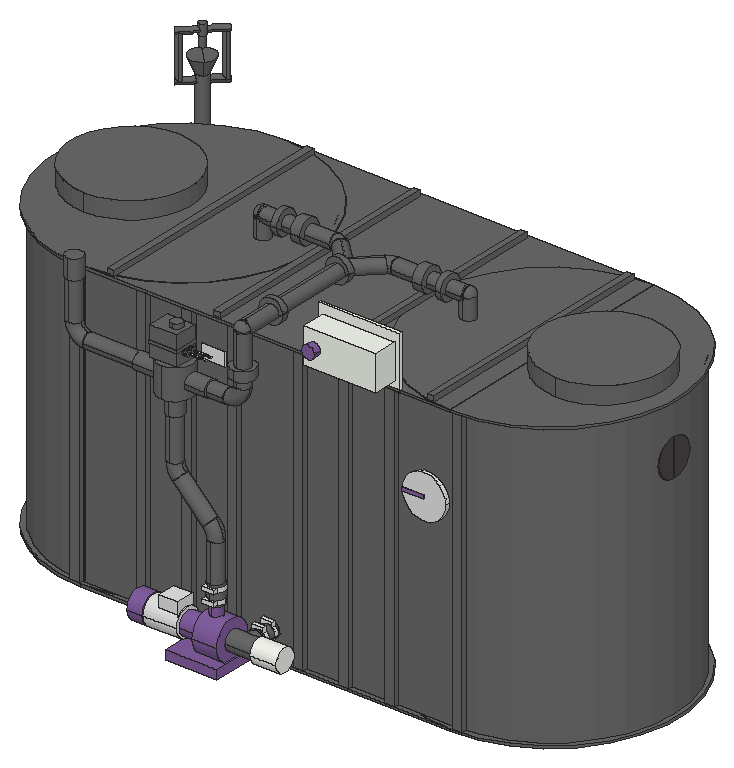
Revit family "93015.01_pvs 0", category Generic Models, Revit 2021
Family settings
  Can host rebar = No
  Round Connector Dimension = Use Diameter
  Part Type = Normal
  Work Plane-Based = No
  Always vertical = Yes
  Cut with Voids When Loaded = No
  Shared = Yes
  Room Calculation Point = No
Parameters (values of type "93015.01_PVS")
  SUPPLIER = "KESSEL"
  SA810ID03 = "93015.01/PVS"
  SA71009ID06 = 3000 W
  SA71009ID05 = 3600 W
  SA71009ID04 = 2
  SA700ID17 = 1200 mm
  SA700ID14 = "ohne Angabe"
  SA700ID13 = 70 mm
  SA700ID09 = 1625 mm
  SA700ID08 = 1350 mm
  SA700ID07 = 3300 mm
  SA700ID06 = 1500
  SA700ID05 = 15
  SA700ID04 = "Grease separator EasyClean free NS 15, Auto Mix & Pump"
  SA500ID03 = "Sludge trap, integrated"
  SA400ID03 = "PE (Polyethylen)"
  SA250ID03 = "temperierte Umhausung"
  SA200ID03 = "free-standing set-up"
  SA100ID04 = "Abscheideranlage für Fette (Schlammfang und Fettabscheider)"
  NN = "EasyClean, Auto Mix & Pump grease separator"
  NBSYN = "$SA810ID03. $LODLEVEL."
  NB = "93015.01/PVS 0"
  Model = "93015.01/PVS"
  Manufacturer = "KESSEL"
  MIdent = "{$CADENAS_DATA/23d-libs/kessel/kessel_vdi_import/40/abscheideranlage20fuer20fette/easyclean_free_auto_mix_pump.prj},231 {STYP=ASS},{VTYP=3D},{NB=93015.01/PVS 0},{LINA=93015.01/PVS},{NN=EasyClean, Auto Mix & Pump grease separator},{DATE=20.12.2022 10:10:54},{GEOMDATE=17.11.2022 09:57:06},{VERSION=},{LINEID=110},{WBVAR=LODLEVEL},{WBNUMERIC=LODLEVEL}  {NB=93015.01/PVS 0},{LINA=93015.01/PVS},{KT=DUMMY},{PREVIEW=../../bilder/pb_yy_9302001pvs_7491.png},{SA700ID04=Fettabscheider EasyClean free NS 15, Auto Mix & Pump},{SA810ID06=},{SA010ID04=KESSEL AG},{SA810ID03=93015.01/PVS},{SA100ID04=Abscheideranlage für Fette (Schlammfang und Fettabscheider)},{SA200ID03=Freiaufstellung},{SA400ID03=PE (Polyethylen)},{SA500ID03=Schlammfang integriert},{SA700ID05=15.00},{SA700ID06=1500},{SA71009ID04=2},{SA71009ID05=3.60},{SA71009ID06=3.00},{SA250ID03=temperierte Umhausung},{SA700ID07=3300},{SA700ID09=1625},{SA700ID13=70},{SA700ID17=1200},{SA700ID08=1350},{SA810ID10=\\\"Der Abscheider für fetthaltiges Abwasser ist für die freie Aufstellung in frostgeschützten Räumen geeignet und verzichtet auf metallische Bauteile im Behälter. Der Sammelbehälter aus dauerhaft beständigem Kunststoff (PE) ist mit einem integrierten Schlammfang ausgestattet und besitzt Schrägen im Behälterboden für eine schnelle und saubere Entsorgung. Zwei geruchsdichte Deckel mit Schnellspannverschlüssen ermöglichen einen einfachen Zugang für Reinigungs- und Wartungsarbeiten.Das innovative Schredder-Mix-System mit integriertem Zerhacker übernimmt die Homogenisierung und Umwälzung des Behälterinhaltes. Die Reinigung und geruchsneutrale Entsorgung erfolgt dabei über eine außenliegende Pumpe mit 2-Wege-Ventil und Stellmotor, die mit einem Absperrschieber vom Behälter getrennt werden kann.Der vollautomatische Programmablauf wird durch ein anwenderfreundliches Schaltgerät mit mehrzeiliger Displayanzeige gesteuert, das über einen potentialfreien Kontakt in die Gebäudeleittechnik eingebunden werden kann. Über eine optional erhältliche Fernbedienung kann die Reinigung und Entsorgung von einer entfernten Stelle aus gestartet werden.Durch das individualisierbare Reinigungsprogramm mit Schnellwahlfunktion kann die Reinigung bedarfsgerecht an die örtlichen Gegebenheiten angepasst werden. Mithilfe einer vollautomatisierten Spülung der Trinkwasserleitungen kann die Einhaltung der Trinkwasser-Hygiene-Verordnung gewährleistet werden.Gewährleistung auf den Werkstoff PE 20 Jahre.Ausführung:Absperreinrichtung: jaEntsorgungsart: automatisches Entsorgungs- und ReinigungssystemEntsorgungseinrichtung: EntsorgungspumpeEntsorgungsvariante: Auto Mix & PumpFülleinrichtung nach DIN 1988: jaNenngröße (NS): 15Schauglas: jaSchredder-Mix-System: jaSonicControl: neinWasserversorgung: 2 Magnetventile 1\\\"\\\"Tragfähigkeit (DIN 19901): F3Lieferumfang: Storz-B-Kupplung R 2 1/2 \\\"\\\" für SaugwagenanschlussEinbausituation: freie AufstellungAllgemeine Merkmale:Material: PENorm: EN 1825: 2004, DIN 4040-100Abmessungen:Aufstellfläche Länge: 3.560 mmAufstellfläche Breite: 1.620 mmAufstellfläche Höhe: 1.655 mmEinbringmaß Länge: 3.300 mmEinbringmaß Breite: 1.350 mmEinbringmaß Höhe: 1.625 mmBehälter/Grundkörper:Zulauf Nennweite (DN): 200 mmZulauf Nennweite (DA): 200 mmAuslauf Nennweite (DN): 200Auslauf Nennweite (DA): 200Abstand Rohrsohle Zulauf zu Behälterboden: 1.200 mmAbstand Rohrsohle Auslauf zu Behälterboden: 1.130 mmAnschluss Zu-/Auslaufstutzen: PE-HD-Rohre nach DIN 19537, HT-Rohre nach DIN 19560, PP oder ASDruckabgang (DA): 75 mmDruckabgang (DN): 65 mmNenndruck (PN): 10Abdeckungsmerkmale:Abdeckungsart: DeckelAbdeckung Material: KunststoffAbdeckung Farbe: schwarzDichtheit: geruchsdichtVerriegelung: SchnellspannverschlussAbwasserinhalt:Abscheiderinhalt: 1.100 lGesamtvolumen: 2.600 lSchlammfanginhalt: 1.500 lSpeichermenge an Fett: 600 lFördereinrichtung:Pumpe: SPF 300 KE 2.0Anzahl Pumpen: 2Förderhöhe max.: 17 mFörderleistung max.: 60 m3/hBetriebsspannung: 400 VNetzfrequenz: 50 HzBetriebsart: S2 - 30 Min.Leistung P1: 3,6 kWLeistung P2: 3 kWDrehzahl: 2.850 U/minErforderliche Absicherung (Leitungsschutz): Absicherung über Schaltgerät 400 VFörderguttemperatur (dauerhaft) max.: 40 °CAnschlusstyp: DirektanschlussGewicht: 44 kgLaufrad Typ: Radiallaufrad mit ZerhackerLänge Netzanschlussleitung Pumpe: 5 mNennstrom: 6,2 ASchutzart Pumpe: IP 55Schutzklasse: ITyp Anschlussleitung Pumpe: H07RN-F 7G 1,5 mm2Temperaturüberwachung: integriertSteuerung:Schaltgerät: jaBetriebsspannung: 400 VNetzfrequenz: 50 HzSelbstdiagnosesystem (SDS): jaBatteriepufferung: neinMehrzeilige Displayanzeige: jaLogbuchfunktion: jaUSB-Schnittstelle: jaGSM-Schnittstelle: neinPotentialfreier Kontakt: jaErforderliche Absicherung (Leitungsschutz): C 16 AErforderliche Absicherung (RCD): 30 mAMotorschutz Schalter: jaSchutzart Schaltgerät: IP 54\\\"},{SA700ID14=ohne Angabe},{LODLEVEL=0},{CATEGORY3AA=EasyClean free Auto Mix & Pump},{CATEGORY3AB=},{CATEGORY3AC=},{CATEGORY3AD=},{CATEGORY3AE=},{CATEGORY3AF=},{BEZEICHNUNG=},{BREITE=0.0},{TIEFE=MIN},{HOEHE=MIN},{MASSE=MIN},{LOD_=0,'Low'},{LOD_DEU=0,'Low'},{LOD_3DB=93015.01/PVS_0},{DNIN1=200},{DNIN2=10},{DNIN3=10},{DNIN4=10},{DNIN5=10},{DNIN6=10},{DNIN7=MIN},{DNOUT1=200},{DNOUT2=MIN},{ISD=100},{ISD2=10},{SA960ID03=90},{SA960ID04=3L},{SA960ID08=http://www.kessel.de/info?han=93015.01/PVS},{SA010ID01=010},{SA010ID02=40},{SA010ID06=www.kessel.de},{SA010ID08=4026092000007},{SA100ID01=100},{SA100ID02=1},{SA740ID01=740},{SA200ID01=200},{SA200ID02=1},{SA250ID01=250},{SA250ID02=1},{SA400ID01=400},{SA400ID02=1},{SA500ID01=500},{SA500ID02=1},{SA700ID01=700},{SA700ID02=90},{SA700ID14_=0},{SA71009ID01=710.09},{SA71009ID02=1},{SA71009ID03=SPF 300 KE 2.0},{SA71009ID07=IP55},{SA71009ID08=1},{SA71009ID09=1},{SA71009ID10=60},{SA71009ID11=17},{SA810ID01=810},{SA810ID02=90},{SA810ID04=93015.01/PVS},{SA810ID07=90},{SA810ID14=PCE},{LINK=http://www.kessel.de/info?han=93015.01/PVS},{LINK_=http://www.kessel.de/info?han=93015.01/PVS},{LINK_DEU=http://www.kessel.de/info?han=93015.01/PVS}"
  LINK = "http://www.kessel.de/info?han=93015.01/PVS"
  LINA = "93015.01/PVS"
  Default Elevation = 0 mm
  CREATOR = "CADENAS GmbH"
  CATALOG = "KESSEL"
  BOMINFO = "LINA"
  ARTICLENO = "NB"
Reference planes
  plane 1 "Center (Front/Back)": y = 0
  plane 2: z = 0
  plane 3 "Center (Left/Right)": x = 0
Dimensions and locks
  aligned and locked: level to plane 2
Nested families
  nested 1: "93015.01_pvs 0_content" at (0, 0, 0), type "93015.01_PVS 0_Content"
  nested 2: "93015.01_pvs 0_part1_X0Y0" at (0, 0, 0), type "93015.01_PVS_PART1_X0Y0"
Connectors
  piping at (-1625.5, 0, 1300), diameter 200
    settings: on nested 2, index 1, connector inside diameter 609.6 mm, connector length 0 mm, flow factor 0, pipe flow 0.0 L/s, pressure drop 0.0 Pa, fitting loss kfactor 0, connector angle 0.00°, fixture units 0, engagement length 0 mm, angle of deflection 0.00°, flow configuration 0, flow direction 1, fitting loss method 2, system type 8, joint type 0, gender type 0, connector reference index -1, connector utility 0, adjustable connector no, is connector primary yes, connector description ""
  piping at (-1405, 665.75, 1935.25), diameter 10
    settings: on nested 2, index 2, connector inside diameter 609.6 mm, connector length 0 mm, flow factor 0, pipe flow 0.0 L/s, pressure drop 0.0 Pa, fitting loss kfactor 0, connector angle 0.00°, fixture units 0, engagement length 0 mm, angle of deflection 0.00°, flow configuration 0, flow direction 1, fitting loss method 2, system type 8, joint type 0, gender type 0, connector reference index -1, connector utility 0, adjustable connector no, is connector primary no, connector description ""
  piping at (1625.5, 0, 1230), diameter 200
    settings: on nested 2, index 3, connector inside diameter 609.6 mm, connector length 0 mm, flow factor 0, pipe flow 0.0 L/s, pressure drop 0.0 Pa, fitting loss kfactor 0, connector angle 0.00°, fixture units 0, engagement length 0 mm, angle of deflection 0.00°, flow configuration 0, flow direction 2, fitting loss method 2, system type 7, joint type 0, gender type 0, connector reference index -1, connector utility 0, adjustable connector no, is connector primary no, connector description ""
  electrical at (-353.5, -823.5, 248.5)
    settings: on nested 2, index 4, voltage 0 V, apparent load 0 VA, apparent load phase1 0 VA, apparent load phase2 0 VA, apparent load phase3 0 VA, power factor 1, load classification "Other", number of poles 1, system type 31, power factor state 1, is connector primary yes, connector utility no, sub classification motor no, connector description ""
Definition of nested family "93015.01_pvs 0_part1_X0Y0"
  Parameters (values of type "93015.01_PVS_PART1_X0Y0")
    SUPPLIER = "KESSEL"
    SA810ID03 = "93015.01/PVS"
    SA71009ID06 = 3000 W
    SA71009ID05 = 3600 W
    SA71009ID04 = 2
    SA700ID17 = 1200 mm
    SA700ID14 = "ohne Angabe"
    SA700ID13 = 70 mm
    SA700ID09 = 1625 mm
    SA700ID08 = 1350 mm
    SA700ID07 = 3300 mm
    SA700ID06 = 1500
    SA700ID05 = 15
    SA700ID04 = "Grease separator EasyClean free NS 15, Auto Mix & Pump"
    SA500ID03 = "Sludge trap, integrated"
    SA400ID03 = "PE (Polyethylen)"
    SA250ID03 = "temperierte Umhausung"
    SA200ID03 = "free-standing set-up"
    SA100ID04 = "Abscheideranlage für Fette (Schlammfang und Fettabscheider)"
    NBSYN = "$SA810ID03. $LODLEVEL._PART1"
    NB = "93015.01/PVS 0_PART1"
    Model = "93015.01/PVS_PART1"
    Manufacturer = "KESSEL"
    MIdent = "{$CADENAS_DATA/23d-libs/kessel/kessel_vdi_import/40/abscheideranlage20fuer20fette/easyclean_free_auto_mix_pump.prj},251 {VTYP=3D},{NB=93015.01/PVS 0_PART1},{LINA=93015.01/PVS_PART1},{NN=EasyClean, Auto Mix & Pump grease separator_PART1},{NOPRJ=TRUE},{DATE=20.12.2022 10:10:54},{GEOMDATE=17.11.2022 09:57:06},{VERSION=},{LINEID=110},{WBVAR=LODLEVEL},{WBNUMERIC=LODLEVEL}  {NB=93015.01/PVS 0_PART1},{LINA=93015.01/PVS_PART1},{KT=DUMMY},{PREVIEW=../../bilder/pb_yy_9302001pvs_7491.png},{SA700ID04=Fettabscheider EasyClean free NS 15, Auto Mix & Pump},{SA810ID06=},{SA010ID04=KESSEL AG},{SA810ID03=93015.01/PVS},{SA100ID04=Abscheideranlage für Fette (Schlammfang und Fettabscheider)},{SA200ID03=Freiaufstellung},{SA400ID03=PE (Polyethylen)},{SA500ID03=Schlammfang integriert},{SA700ID05=15.00},{SA700ID06=1500},{SA71009ID04=2},{SA71009ID05=3.60},{SA71009ID06=3.00},{SA250ID03=temperierte Umhausung},{SA700ID07=3300},{SA700ID09=1625},{SA700ID13=70},{SA700ID17=1200},{SA700ID08=1350},{SA810ID10=\\\"Der Abscheider für fetthaltiges Abwasser ist für die freie Aufstellung in frostgeschützten Räumen geeignet und verzichtet auf metallische Bauteile im Behälter. Der Sammelbehälter aus dauerhaft beständigem Kunststoff (PE) ist mit einem integrierten Schlammfang ausgestattet und besitzt Schrägen im Behälterboden für eine schnelle und saubere Entsorgung. Zwei geruchsdichte Deckel mit Schnellspannverschlüssen ermöglichen einen einfachen Zugang für Reinigungs- und Wartungsarbeiten.Das innovative Schredder-Mix-System mit integriertem Zerhacker übernimmt die Homogenisierung und Umwälzung des Behälterinhaltes. Die Reinigung und geruchsneutrale Entsorgung erfolgt dabei über eine außenliegende Pumpe mit 2-Wege-Ventil und Stellmotor, die mit einem Absperrschieber vom Behälter getrennt werden kann.Der vollautomatische Programmablauf wird durch ein anwenderfreundliches Schaltgerät mit mehrzeiliger Displayanzeige gesteuert, das über einen potentialfreien Kontakt in die Gebäudeleittechnik eingebunden werden kann. Über eine optional erhältliche Fernbedienung kann die Reinigung und Entsorgung von einer entfernten Stelle aus gestartet werden.Durch das individualisierbare Reinigungsprogramm mit Schnellwahlfunktion kann die Reinigung bedarfsgerecht an die örtlichen Gegebenheiten angepasst werden. Mithilfe einer vollautomatisierten Spülung der Trinkwasserleitungen kann die Einhaltung der Trinkwasser-Hygiene-Verordnung gewährleistet werden.Gewährleistung auf den Werkstoff PE 20 Jahre.Ausführung:Absperreinrichtung: jaEntsorgungsart: automatisches Entsorgungs- und ReinigungssystemEntsorgungseinrichtung: EntsorgungspumpeEntsorgungsvariante: Auto Mix & PumpFülleinrichtung nach DIN 1988: jaNenngröße (NS): 15Schauglas: jaSchredder-Mix-System: jaSonicControl: neinWasserversorgung: 2 Magnetventile 1\\\"\\\"Tragfähigkeit (DIN 19901): F3Lieferumfang: Storz-B-Kupplung R 2 1/2 \\\"\\\" für SaugwagenanschlussEinbausituation: freie AufstellungAllgemeine Merkmale:Material: PENorm: EN 1825: 2004, DIN 4040-100Abmessungen:Aufstellfläche Länge: 3.560 mmAufstellfläche Breite: 1.620 mmAufstellfläche Höhe: 1.655 mmEinbringmaß Länge: 3.300 mmEinbringmaß Breite: 1.350 mmEinbringmaß Höhe: 1.625 mmBehälter/Grundkörper:Zulauf Nennweite (DN): 200 mmZulauf Nennweite (DA): 200 mmAuslauf Nennweite (DN): 200Auslauf Nennweite (DA): 200Abstand Rohrsohle Zulauf zu Behälterboden: 1.200 mmAbstand Rohrsohle Auslauf zu Behälterboden: 1.130 mmAnschluss Zu-/Auslaufstutzen: PE-HD-Rohre nach DIN 19537, HT-Rohre nach DIN 19560, PP oder ASDruckabgang (DA): 75 mmDruckabgang (DN): 65 mmNenndruck (PN): 10Abdeckungsmerkmale:Abdeckungsart: DeckelAbdeckung Material: KunststoffAbdeckung Farbe: schwarzDichtheit: geruchsdichtVerriegelung: SchnellspannverschlussAbwasserinhalt:Abscheiderinhalt: 1.100 lGesamtvolumen: 2.600 lSchlammfanginhalt: 1.500 lSpeichermenge an Fett: 600 lFördereinrichtung:Pumpe: SPF 300 KE 2.0Anzahl Pumpen: 2Förderhöhe max.: 17 mFörderleistung max.: 60 m3/hBetriebsspannung: 400 VNetzfrequenz: 50 HzBetriebsart: S2 - 30 Min.Leistung P1: 3,6 kWLeistung P2: 3 kWDrehzahl: 2.850 U/minErforderliche Absicherung (Leitungsschutz): Absicherung über Schaltgerät 400 VFörderguttemperatur (dauerhaft) max.: 40 °CAnschlusstyp: DirektanschlussGewicht: 44 kgLaufrad Typ: Radiallaufrad mit ZerhackerLänge Netzanschlussleitung Pumpe: 5 mNennstrom: 6,2 ASchutzart Pumpe: IP 55Schutzklasse: ITyp Anschlussleitung Pumpe: H07RN-F 7G 1,5 mm2Temperaturüberwachung: integriertSteuerung:Schaltgerät: jaBetriebsspannung: 400 VNetzfrequenz: 50 HzSelbstdiagnosesystem (SDS): jaBatteriepufferung: neinMehrzeilige Displayanzeige: jaLogbuchfunktion: jaUSB-Schnittstelle: jaGSM-Schnittstelle: neinPotentialfreier Kontakt: jaErforderliche Absicherung (Leitungsschutz): C 16 AErforderliche Absicherung (RCD): 30 mAMotorschutz Schalter: jaSchutzart Schaltgerät: IP 54\\\"},{SA700ID14=ohne Angabe},{LODLEVEL=0},{CATEGORY3AA=EasyClean free Auto Mix & Pump},{CATEGORY3AB=},{CATEGORY3AC=},{CATEGORY3AD=},{CATEGORY3AE=},{CATEGORY3AF=},{BEZEICHNUNG=},{BREITE=0.0},{TIEFE=MIN},{HOEHE=MIN},{MASSE=MIN},{LOD_=0,'Low'},{LOD_DEU=0,'Low'},{LOD_3DB=93015.01/PVS_0},{DNIN1=200},{DNIN2=10},{DNIN3=10},{DNIN4=10},{DNIN5=10},{DNIN6=10},{DNIN7=MIN},{DNOUT1=200},{DNOUT2=MIN},{ISD=100},{ISD2=10},{SA960ID03=90},{SA960ID04=3L},{SA960ID08=http://www.kessel.de/info?han=93015.01/PVS},{SA010ID01=010},{SA010ID02=40},{SA010ID06=www.kessel.de},{SA010ID08=4026092000007},{SA100ID01=100},{SA100ID02=1},{SA740ID01=740},{SA200ID01=200},{SA200ID02=1},{SA250ID01=250},{SA250ID02=1},{SA400ID01=400},{SA400ID02=1},{SA500ID01=500},{SA500ID02=1},{SA700ID01=700},{SA700ID02=90},{SA700ID14_=0},{SA71009ID01=710.09},{SA71009ID02=1},{SA71009ID03=SPF 300 KE 2.0},{SA71009ID07=IP55},{SA71009ID08=1},{SA71009ID09=1},{SA71009ID10=60},{SA71009ID11=17},{SA810ID01=810},{SA810ID02=90},{SA810ID04=93015.01/PVS},{SA810ID07=90},{SA810ID14=PCE},{LINK=http://www.kessel.de/info?han=93015.01/PVS},{LINK_=http://www.kessel.de/info?han=93015.01/PVS},{LINK_DEU=http://www.kessel.de/info?han=93015.01/PVS}"
    LINK = "http://www.kessel.de/info?han=93015.01/PVS"
    LINA = "93015.01/PVS_PART1"
    Default Elevation = 1219.2 mm
    CREATOR = "CADENAS GmbH"
    CATALOG = "KESSEL"
    BOMINFO = "LINA"
    ARTICLENO = "NB"
  Reference planes
    plane 1 "Center (Front/Back)": y = 0
    plane 2: z = 0
    plane 3 "Center (Left/Right)": x = 0
  Dimensions and locks
    aligned and locked: level to plane 2
  Nested families
    nested 1: "93015.01_pvs 0_part1_content" at (0, 0, 0), type "93015.01_PVS 0_PART1_Content"
  Definition of nested family "93015.01_pvs 0_part1_content"
    Parameters (values of type "93015.01_PVS 0_PART1_Content")
      SUPPLIER = "KESSEL"
      SA810ID03 = "93015.01/PVS"
      SA71009ID06 = 3000 W
      SA71009ID05 = 3600 W
      SA71009ID04 = 2
      SA700ID17 = 1200 mm
      SA700ID14 = "ohne Angabe"
      SA700ID13 = 70 mm
      SA700ID09 = 1625 mm
      SA700ID08 = 1350 mm
      SA700ID07 = 3300 mm
      SA700ID06 = 1500
      SA700ID05 = 15
      SA700ID04 = "Grease separator EasyClean free NS 15, Auto Mix & Pump"
      SA500ID03 = "Sludge trap, integrated"
      SA400ID03 = "PE (Polyethylen)"
      SA250ID03 = "temperierte Umhausung"
      SA200ID03 = "free-standing set-up"
      SA100ID04 = "Abscheideranlage für Fette (Schlammfang und Fettabscheider)"
      NBSYN = "$SA810ID03. $LODLEVEL._PART1"
      NB = "93015.01/PVS 0_PART1"
      Model = "93015.01/PVS_PART1"
      Manufacturer = "KESSEL"
      LINK = "http://www.kessel.de/info?han=93015.01/PVS"
      LINA = "93015.01/PVS_PART1"
      Default Elevation = 1219.2 mm
      CREATOR = "CADENAS GmbH"
      CATALOG = "KESSEL"
      BOMINFO = "LINA"
      ARTICLENO = "NB"
    Reference planes
      plane 1 "Center (Front/Back)": y = 0
      plane 2: z = 0
      plane 3 "Center (Left/Right)": x = 0
    Forms (mm)
      Extrusion 1, solid, detail levels medium+fine
        sketch origin (975, 675, 0) x (0, -1, 0) y (0, 0, 1)
          loop
            line (0, 12) -> (0, 0) -> (1350, 0) -> (1350, 12) -> (0, 12)
        from 0 to 1950
      Extrusion 2, solid, detail levels medium+fine
        sketch origin (975, 650, 12) x (0, -1, 0) y (0, 0, 1)
          loop
            line (0, 1500) -> (0, 0) -> (1300, 0) -> (1300, 1500) -> (0, 1500)
        from 0 to 1950
      Extrusion 3, solid, detail levels medium+fine
        sketch origin (150, -675, 12) x (0, 1, 0) y (0, 0, 1)
          loop
            line (0, 1500) -> (0, 0) -> (25, 0) -> (25, 1500) -> (0, 1500)
        from 0 to 50
      Extrusion 4, solid, detail levels medium+fine
        sketch origin (-150, -650, 12) x (0, -1, 0) y (0, 0, 1)
          loop
            line (0, 1500) -> (0, 0) -> (25, 0) -> (25, 1500) -> (0, 1500)
        from 0 to 50
      Extrusion 5, solid, detail levels medium+fine
        sketch origin (150, 650, 12) x (0, 1, 0) y (0, 0, 1)
          loop
            line (0, 1500) -> (0, 0) -> (25, 0) -> (25, 1500) -> (0, 1500)
        from 0 to 50
      Extrusion 6, solid, detail levels medium+fine
        sketch origin (-150, 675, 12) x (0, -1, 0) y (0, 0, 1)
          loop
            line (0, 1500) -> (0, 0) -> (25, 0) -> (25, 1500) -> (0, 1500)
        from 0 to 50
      Extrusion 7, solid, detail levels medium+fine
        sketch origin (975, 675, 1512) x (0, -1, 0) y (0, 0, 1)
          loop
            line (0, 12) -> (0, 0) -> (1350, 0) -> (1350, 12) -> (0, 12)
        from 0 to 1950
      Extrusion 8, solid, detail levels medium+fine
        sketch origin (-282.5, -660, 1549) x (1, 0, 0) y (0, -1, 0)
          loop
            line (35, 0) -> (0, 0) -> (0, -1320) -> (35, -1320) -> (35, 0)
        from 0 to 35
      Extrusion 9, solid, detail levels medium+fine
        sketch origin (282.5, -660, 1549) x (1, 0, 0) y (0, -1, 0)
          loop
            line (35, 0) -> (0, 0) -> (0, -1320) -> (35, -1320) -> (35, 0)
        from 0 to 35
      Revolve 10, solid, detail levels medium+fine
        sketch origin (543.6, -11.8, 1629) x (0, 1, 0) y (0, 0, 1)
          loop
            line (0, -120) -> (0, 37.5)
            arc (0, 37.5) -> (-26.517, 26.517) -> (-37.5, 0) r 37.5
            line (-37.5, 0) -> (-37.5, -120) -> (0, -120)
          axis (0, 37.5) -> (0, -120)
        angle from -360 to 0
      Extrusion 11, solid, detail levels medium+fine
        sketch origin (161.5, -11.8, 1629) x (0, 1, 0) y (0, 0, 1)
          loop
            circle (0, 0) r 37.5
        from 0 to 382.1
      Extrusion 12, solid, detail levels medium+fine
        sketch origin (297.5, -11.779, 1629.098) x (0, 1, 0) y (0, 0, 1)
          loop
            circle (0, 0) r 62.5
        from 0 to 50
      Extrusion 13, solid, detail levels medium+fine
        sketch origin (420.073, -11.779, 1629.098) x (0, 1, 0) y (0, 0, 1)
          loop
            circle (0, 0) r 62.5
        from 0 to 30
      Extrusion 14, solid, detail levels medium+fine
        sketch origin (975, 0, 1512) x (0, 1, 0) y (-1, 0, 0)
          loop
            circle (0, 0) r 675
        from 0 to 12
      Extrusion 15, solid, detail levels medium+fine
        sketch origin (847.5, -660, 1549) x (1, 0, 0) y (0, -1, 0)
          loop
            line (35, 0) -> (0, 0) -> (0, -1320) -> (35, -1320) -> (35, 0)
        from 0 to 35
      Extrusion 16, solid, detail levels medium+fine
        sketch origin (1250, 0, 1524) x (0, 1, 0) y (-1, 0, 0)
          loop
            circle (0, 0) r 315
        from 0 to 90.5
      Extrusion 17, solid, detail levels medium+fine
        sketch origin (-543.574, -11.779, 1630.932) x (1, 0, 0) y (0, -1, 0)
          loop
            circle (0, 0) r 37.5
        from 0 to 119
      Revolve 18, solid, detail levels medium+fine
        sketch origin (-543.574, -11.779, 1630.932) x (0, 1, 0) y (0, 0, -1)
          loop
            line (0, 37.5) -> (0, -37.5)
            arc (0, -37.5) -> (37.5, 0) -> (0, 37.5) r 37.5
          axis (0, -37.5) -> (0, 37.5)
        angle from -360 to 0
      Extrusion 19, solid, detail levels medium+fine
        sketch origin (-161.7, -11.8, 1630.9) x (0, 1, 0) y (0, 0, -1)
          loop
            circle (0, 0) r 37.5
        from 0 to 382
      Extrusion 20, solid, detail levels medium+fine
        sketch origin (-297.5, -11.779, 1630.932) x (0, 1, 0) y (0, 0, -1)
          loop
            circle (0, 0) r 62.5
        from 0 to 50
      Extrusion 21, solid, detail levels medium+fine
        sketch origin (-420.074, -11.779, 1630.932) x (0, 1, 0) y (0, 0, -1)
          loop
            circle (0, 0) r 62.5
        from 0 to 30
      Extrusion 22, solid, detail levels medium+fine
        sketch origin (-975, 0, 1512) x (0, 1, 0) y (-1, 0, 0)
          loop
            circle (0, 0) r 675
        from 0 to 12
      Extrusion 23, solid, detail levels medium+fine
        sketch origin (-847.5, -660, 1549) x (1, 0, 0) y (0, -1, 0)
          loop
            line (35, 0) -> (0, 0) -> (0, -1320) -> (35, -1320) -> (35, 0)
        from 0 to 35
      Extrusion 24, solid, detail levels medium+fine
        sketch origin (-1250, 0, 1524) x (0, 1, 0) y (-1, 0, 0)
          loop
            circle (0, 0) r 315
        from 0 to 90.5
      Extrusion 25, solid, detail levels medium+fine
        sketch origin (975, 0, 12) x (0, 1, 0) y (-1, 0, 0)
          loop
            circle (0, 0) r 650
        from 0 to 1500
      Extrusion 26, solid, detail levels medium+fine
        sketch origin (987, -670, 12) x (0, 1, 0) y (0, 0, 1)
          loop
            line (0, 1500) -> (0, 0) -> (25, 0) -> (25, 1500) -> (0, 1500)
        from 0 to 50
      Extrusion 27, solid, detail levels medium+fine
        sketch origin (987, 645, 12) x (0, 1, 0) y (0, 0, 1)
          loop
            line (0, 1500) -> (0, 0) -> (25, 0) -> (25, 1500) -> (0, 1500)
        from 0 to 50
      Extrusion 28, solid, detail levels medium+fine
        sketch origin (633, -675, 12) x (0, 1, 0) y (0, 0, 1)
          loop
            line (0, 1500) -> (0, 0) -> (25, 0) -> (25, 1500) -> (0, 1500)
        from 0 to 50
      Extrusion 29, solid, detail levels medium+fine
        sketch origin (633, 650, 12) x (0, 1, 0) y (0, 0, 1)
          loop
            line (0, 1500) -> (0, 0) -> (25, 0) -> (25, 1500) -> (0, 1500)
        from 0 to 50
      Extrusion 30, solid, detail levels medium+fine
        sketch origin (837, -650, 1060) x (1, 0, 0) y (0, 0, 1)
          loop
            circle (0, 0) r 115
        from 0 to 20
      Extrusion 31, solid, detail levels medium+fine
        sketch origin (837, -670, 1050) x (0, -1, 0) y (0, 0, 1)
          loop
            line (0, 20) -> (0, 0) -> (5, 0) -> (5, 20) -> (0, 20)
        from 0 to 115
      Extrusion 32, solid, detail levels medium+fine
        sketch origin (975, 0, 0) x (0, 1, 0) y (-1, 0, 0)
          loop
            circle (0, 0) r 675
        from 0 to 12
      Extrusion 33, solid, detail levels medium+fine
        sketch origin (-975, 0, 12) x (0, 1, 0) y (-1, 0, 0)
          loop
            circle (0, 0) r 650
        from 0 to 1500
      Extrusion 34, solid, detail levels medium+fine
        sketch origin (-987, -645, 12) x (0, -1, 0) y (0, 0, 1)
          loop
            line (0, 1500) -> (0, 0) -> (25, 0) -> (25, 1500) -> (0, 1500)
        from 0 to 50
      Extrusion 35, solid, detail levels medium+fine
        sketch origin (-987, 670, 12) x (0, -1, 0) y (0, 0, 1)
          loop
            line (0, 1500) -> (0, 0) -> (25, 0) -> (25, 1500) -> (0, 1500)
        from 0 to 50
      Extrusion 36, solid, detail levels medium+fine
        sketch origin (-633, -650, 12) x (0, -1, 0) y (0, 0, 1)
          loop
            line (0, 1500) -> (0, 0) -> (25, 0) -> (25, 1500) -> (0, 1500)
        from 0 to 50
      Extrusion 37, solid, detail levels medium+fine
        sketch origin (-633, 675, 12) x (0, -1, 0) y (0, 0, 1)
          loop
            line (0, 1500) -> (0, 0) -> (25, 0) -> (25, 1500) -> (0, 1500)
        from 0 to 50
      Extrusion 38, solid, detail levels medium+fine
        sketch origin (-975, 0, 0) x (0, 1, 0) y (-1, 0, 0)
          loop
            circle (0, 0) r 675
        from 0 to 12
      Extrusion 39, solid, detail levels medium+fine
        sketch origin (491.5, -663, 1477) x (0, 1, 0) y (0, 0, 1)
          loop
            line (0, 180) -> (0, 0) -> (100, 0) -> (100, 180) -> (0, 180)
        from 0 to 12
      Extrusion 40, solid, detail levels medium+fine
        sketch origin (710, -662, 1512) x (0, -1, 0) y (0, 0, 1)
          loop
            line (0, 280) -> (0, 0) -> (12.2, 0) -> (12.2, 280) -> (0, 280)
        from 0 to 425
      Extrusion 41, solid, detail levels medium+fine
        sketch origin (686.5, -674, 1560) x (0, -1, 0) y (0, 0, 1)
          loop
            line (0, 183) -> (0, 0) -> (129.5, 0) -> (129.5, 183) -> (0, 183)
        from 0 to 378
      Extrusion 42, solid, detail levels medium+fine
        sketch origin (403.5, -742.5, 1538) x (0, 1, 0) y (-1, 0, 0)
          loop
            circle (0, 0) r 15
        from 0 to 22
      Extrusion 43, solid, detail levels medium+fine
        sketch origin (358.5, -803.5, 1651.5) x (1, 0, 0) y (0, 0, 1)
          loop
            circle (0, 0) r 33.5
        from 0 to 36
      Extrusion 44, solid, detail levels medium+fine
        sketch origin (358.5, -742.5, 1538) x (0, 1, 0) y (-1, 0, 0)
          loop
            circle (0, 0) r 15
        from 0 to 22
      Extrusion 45, solid, detail levels medium+fine
        sketch origin (390, -675, 12) x (0, 1, 0) y (0, 0, 1)
          loop
            line (0, 1500) -> (0, 0) -> (25, 0) -> (25, 1500) -> (0, 1500)
        from 0 to 50
      Extrusion 46, solid, detail levels medium+fine
        sketch origin (-390, -650, 12) x (0, -1, 0) y (0, 0, 1)
          loop
            line (0, 1500) -> (0, 0) -> (25, 0) -> (25, 1500) -> (0, 1500)
        from 0 to 50
      Extrusion 47, solid, detail levels medium+fine
        sketch origin (390, 650, 12) x (0, 1, 0) y (0, 0, 1)
          loop
            line (0, 1500) -> (0, 0) -> (25, 0) -> (25, 1500) -> (0, 1500)
        from 0 to 50
      Extrusion 48, solid, detail levels medium+fine
        sketch origin (-390, 675, 12) x (0, -1, 0) y (0, 0, 1)
          loop
            line (0, 1500) -> (0, 0) -> (25, 0) -> (25, 1500) -> (0, 1500)
        from 0 to 50
      Extrusion 49, solid, detail levels medium+fine
        sketch origin (1605, 0, 1230) x (0, 1, 0) y (0, 0, 1)
          loop
            circle (0, 0) r 100
        from 0 to 20.5
      Extrusion 50, solid, detail levels medium+fine
        sketch origin (-1422.324, 744.592, 1291.3) x (0.707107, -0.707107, 0) y (0, 0, 1)
          loop
            line (0, 29.3) -> (0, 0) -> (250, 0) -> (250, 29.3) -> (0, 29.3)
        from 0 to 88
      Extrusion 51, solid, detail levels medium+fine
        sketch origin (-1405, 665.75, 1175.1) x (-0.707107, -0.707107, 0) y (0.707107, -0.707107, 0)
          loop
            circle (0, 0) r 31.5
        from 0 to 526.6
      Extrusion 52, solid, detail levels medium+fine
        sketch origin (-1324, 747.38, 1666.4) x (0.707107, -0.707107, 0) y (0, 0, 1)
          loop
            circle (0, 0) r 15
        from 0 to 230
      Extrusion 53, solid, detail levels medium+fine
        sketch origin (-1476.104, 595.354, 1905.416) x (-0.707107, -0.707107, 0) y (-0.707107, 0.707107, 0)
          loop
            circle (0, 0) r 15
        from 0 to 239
      Revolve 54, solid, detail levels medium+fine
        sketch origin (-1405, 665.75, 1701.7) x (0, 0, 1) y (0.707107, -0.707107, 0)
          loop
            line (0, 0) -> (81, 0) -> (81, 65) -> (0, 31) -> (0, 0)
          axis (81, 0) -> (0, 0)
        angle from -360 to 0
      Extrusion 55, solid, detail levels medium+fine
        sketch origin (-1334.604, 736.854, 1905.416) x (-0.707107, -0.707107, 0) y (-0.707107, 0.707107, 0)
          loop
            circle (0, 0) r 15
        from 0 to 239
      Extrusion 56, solid, detail levels medium+fine
        sketch origin (-1324, 747.4, 1905.35) x (0.707107, -0.707107, 0) y (0, 0, 1)
          loop
            circle (0, 0) r 15
        from 0 to 230
      Extrusion 57, solid, detail levels medium+fine
        sketch origin (-1405, 665.75, 1883.25) x (-0.707107, -0.707107, 0) y (0.707107, -0.707107, 0)
          loop
            circle (0, 0) r 19.25
        from 0 to 52
      Extrusion 58, solid, detail levels medium+fine
        sketch origin (-1405, 665.75, 1825.25) x (-0.707107, -0.707107, 0) y (0.707107, -0.707107, 0)
          loop
            circle (0, 0) r 14
        from 0 to 58
      Revolve 59, solid, detail levels medium+fine
        sketch origin (-1542.886, 527.864, 1175.1) x (0.707107, -0.707107, 0) y (0.707107, 0.707107, 0)
          loop
            circle (0, 0) r 31.5
          axis (0, 97.5) -> (-1, 97.5)
        angle from 0 to 180
      Extrusion 60, solid, detail levels medium+fine
        sketch origin (-1542.886, 527.864, 1260.6) x (-0.707107, 0.707107, 0) y (0.707107, 0.707107, 0)
          loop
            circle (0, 0) r 31.5
        from 0 to 85.5
      Extrusion 61, solid, detail levels medium+fine
        sketch origin (-1605, 0, 1300) x (0, -1, 0) y (0, 0, 1)
          loop
            circle (0, 0) r 100
        from 0 to 20.5
      Extrusion 62, solid, detail levels medium+fine
        sketch origin (-1500.459, 485.438, 1320.6) x (0, 0, -1) y (0.707107, 0.707107, 0)
          loop
            circle (0, 0) r 31.5
        from 0 to 73
      Revolve 63, solid, detail levels medium+fine
        sketch origin (-1500.459, 485.438, 1320.6) x (0, 0, -1) y (-0.707106, -0.707107, 0)
          loop
            circle (0, 0) r 31.5
          axis (60, 0) -> (60, -1)
        angle from -90 to 0
      Extrusion 64, solid, detail levels medium+fine
        sketch origin (-350, -655, 1295) x (0, 1, 0) y (0, 0, 1)
          loop
            line (0, 70) -> (0, 0) -> (5, 0) -> (5, 70) -> (0, 70)
        from 0 to 120
      Extrusion 65, solid, detail levels medium+fine
        sketch origin (13.25, -823, 135) x (-1, 0, 0) y (0, 0, 1)
          loop
            circle (0, 0) r 40
        from 0 to 196
      Extrusion 66, solid, detail levels medium+fine
        sketch origin (13.25, -724.5, 135) x (0, 0, -1) y (1, 0, 0)
          loop
            circle (0, 0) r 45
        from 0 to 20
      Extrusion 67, solid, detail levels medium+fine
        sketch origin (13.25, -654.5, 135) x (0, 0, -1) y (1, 0, 0)
          loop
            circle (0, 0) r 42
        from 0 to 100
      Extrusion 68, solid, detail levels medium+fine
        sketch origin (13.25, -664.5, 135) x (0, 0, -1) y (1, 0, 0)
          loop
            circle (0, 0) r 45
        from 0 to 20
      Extrusion 69, solid, detail levels medium+fine
        sketch origin (43.25, -744.5, 166) x (0, 1, 0) y (-1, 0, 0)
          loop
            line (0, 60) -> (0, 0) -> (20, 0) -> (20, 60) -> (0, 60)
        from 0 to 25
      Extrusion 70, solid, detail levels medium+fine
        sketch origin (43.25, -684.5, 166) x (0, 1, 0) y (-1, 0, 0)
          loop
            line (0, 60) -> (0, 0) -> (20, 0) -> (20, 60) -> (0, 60)
        from 0 to 25
      Extrusion 71, solid, detail levels medium+fine
        sketch origin (-59, -823, 135) x (0, 1, 0) y (0, 0, 1)
          loop
            circle (0, 0) r 50
        from 0 to 144.5
      Extrusion 72, solid, detail levels medium+fine
        sketch origin (-188.5, -823, 135) x (0, 1, 0) y (0, 0, 1)
          loop
            circle (0, 0) r 101
        from 0 to 129.5
      Extrusion 73, solid, detail levels medium+fine
        sketch origin (-141.5, -823, 284) x (-1, 0, 0) y (0, 1, 0)
          loop
            circle (0, 0) r 31.5
        from 0 to 149
      Extrusion 74, solid, detail levels medium+fine
        sketch origin (-293.5, -823, 135) x (0, 1, 0) y (0, 0, 1)
          loop
            circle (0, 0) r 60
        from 0 to 105
      Extrusion 75, solid, detail levels medium+fine
        sketch origin (-44, -709, 0) x (0, -1, 0) y (0, 0, 1)
          loop
            line (0, 48) -> (0, 0) -> (230, 0) -> (230, 48) -> (0, 48)
        from 0 to 272
      Extrusion 76, solid, detail levels medium+fine
        sketch origin (-141.5, -823, 284) x (0, 1, 0) y (-1, 0, 0)
          loop
            circle (0, 0) r 42
        from 0 to 100
      Extrusion 77, solid, detail levels medium+fine
        sketch origin (-141.5, -823, 294) x (0, 1, 0) y (-1, 0, 0)
          loop
            line (-56, -30) -> (-33.541, -30)
            arc (-33.541, -30) -> (45, 0) -> (-33.541, 30) r 45
            line (-33.541, 30) -> (-56, 30) -> (-56, -30)
        from 0 to 20
      Extrusion 78, solid, detail levels medium+fine
        sketch origin (-141.5, -823, 354) x (0, 1, 0) y (-1, 0, 0)
          loop
            line (-56, -30) -> (-33.541, -30)
            arc (-33.541, -30) -> (45, 0) -> (-33.541, 30) r 45
            line (-33.541, 30) -> (-56, 30) -> (-56, -30)
        from 0 to 20
      Extrusion 79, solid, detail levels medium+fine
        sketch origin (85.5, -823, 135) x (0, 1, 0) y (0, 0, 1)
          loop
            circle (0, 0) r 58.5
        from 0 to 135.5
      Extrusion 80, solid, detail levels medium+fine
        sketch origin (-474.5, -823, 135) x (0, 1, 0) y (0, 0, 1)
          loop
            circle (0, 0) r 73.5
        from 0 to 181
      Extrusion 81, solid, detail levels medium+fine
        sketch origin (-403.5, -873.5, 188.5) x (0, 1, 0) y (0, 0, 1)
          loop
            line (0, -10) -> (100, -10) -> (100, 60) -> (0, 60) -> (0, -10)
        from 0 to 100
      Extrusion 82, solid, detail levels medium+fine
        sketch origin (-554.5, -823, 135) x (0, 1, 0) y (0, 0, 1)
          loop
            circle (0, 0) r 73.6
        from 0 to 80
      Extrusion 83, solid, detail levels medium+fine
        sketch origin (-141.5, -823, 384) x (0, 1, 0) y (-1, 0, 0)
          loop
            circle (0, 0) r 37.5
        from 0 to 201
      Revolve 84, solid, detail levels medium+fine
        sketch origin (-141.5, -823, 585) x (-1, 0, 0) y (0, -1, 0)
          loop
            circle (0, 0) r 37.5
          axis (100, 0) -> (100, -1)
        angle from -45 to 0
      Extrusion 85, solid, detail levels medium+fine
        sketch origin (-170.789, -823, 655.711) x (0.5, 0.707107, 0.5) y (-0.5, 0.707107, -0.5)
          loop
            circle (0, 0) r 37.5
        from 0 to 225.1
      Revolve 86, solid, detail levels medium+fine
        sketch origin (-329.9, -823, 814.8) x (0.707107, 0, 0.707107) y (0, 1, 0)
          loop
            circle (0, 0) r 37
          axis (100, 0) -> (100, -1)
        angle from -45 to 0
      Revolve 87, solid, detail levels medium+fine
        sketch origin (119.15, -29.35, 1629) x (0.707107, -0.707107, 0) y (0, 0, -1)
          loop
            circle (0, 0) r 37
          axis (60, 0) -> (60, -1)
        angle from -45 to 0
      Extrusion 88, solid, detail levels medium+fine
        sketch origin (-0.071, -148.571, 1629.098) x (0, 0, 1) y (0.707107, -0.707107, 0)
          loop
            circle (0, 0) r 37.5
        from 0 to 168.7
      Extrusion 89, solid, detail levels medium+fine
        sketch origin (0, -198, 1631) x (-1, 0, 0) y (0, 0, 1)
          loop
            circle (0, 0) r 62.5
        from 0 to 30
      Extrusion 90, solid, detail levels medium+fine
        sketch origin (0, -148.5, 1630.9) x (0, 0, -1) y (-0.707107, -0.707107, 0)
          loop
            circle (0, 0) r 37.5
        from 0 to 169
      Revolve 91, solid, detail levels medium+fine
        sketch origin (-119.2, -29.4, 1630) x (-0.707107, -0.707107, 0) y (0, 0, 1)
          loop
            circle (0, 0) r 38
          axis (60, 0) -> (60, -1)
        angle from -45 to 0
      Extrusion 92, solid, detail levels medium+fine
        sketch origin (0, -823, 1630.932) x (0, 0, -1) y (-1, 0, 0)
          loop
            circle (0, 0) r 37.5
        from 0 to 673.5
      Extrusion 93, solid, detail levels medium+fine
        sketch origin (0, -637, 1631) x (-1, 0, 0) y (0, 0, 1)
          loop
            circle (0, 0) r 62.5
        from 0 to 30
      Revolve 94, solid, detail levels medium+fine
        sketch origin (0, -823, 1630.932) x (0, 1, 0) y (-1, 0, 0)
          loop
            line (0, 37.5) -> (0, -37.5)
            arc (0, -37.5) -> (37.5, 0) -> (0, 37.5) r 37.5
          axis (0, -37.5) -> (0, 37.5)
        angle from -360 to 0
      Extrusion 95, solid, detail levels medium+fine
        sketch origin (-0.678, -823, 1362.5) x (0, 1, 0) y (-1, 0, 0)
          loop
            circle (0, 0) r 37.5
        from 0 to 268.5
      Extrusion 96, solid, detail levels medium+fine
        sketch origin (0, -823, 1408) x (0, 1, 0) y (-1, 0, 0)
          loop
            circle (0, 0) r 61.5
        from 0 to 50
      Revolve 97, solid, detail levels medium+fine
        sketch origin (-75.7, -823, 1287.5) x (0, 0, 1) y (0, -1, 0)
          loop
            circle (0, 0) r 37.5
          axis (75, 0) -> (75, -1)
        angle from -90 to 0
      Extrusion 98, solid, detail levels medium+fine
        sketch origin (-168.7, -823, 1287.5) x (0, 1, 0) y (0, 0, 1)
          loop
            circle (0, 0) r 37.5
        from 0 to 93
      Extrusion 99, solid, detail levels medium+fine
        sketch origin (-359.178, -823, 1287.521) x (0, 1, 0) y (0, 0, 1)
          loop
            circle (0, 0) r 42.5
        from 0 to 190.5
      Extrusion 100, solid, detail levels medium+fine
        sketch origin (-359.178, -823, 1208.521) x (0, 1, 0) y (-1, 0, 0)
          loop
            circle (0, 0) r 89.5
        from 0 to 158
      Extrusion 101, solid, detail levels medium+fine
        sketch origin (-359.178, -823, 1287.521) x (0, 1, 0) y (0, 0, -1)
          loop
            circle (0, 0) r 42.5
        from 0 to 190.5
      Extrusion 102, solid, detail levels medium+fine
        sketch origin (-359.25, -823, 1107.5) x (0, 1, 0) y (-1, 0, 0)
          loop
            circle (0, 0) r 42.5
        from 0 to 106
      Extrusion 103, solid, detail levels medium+fine
        sketch origin (-444.428, -881, 1366.521) x (0, 1, 0) y (0, 0, 1)
          loop
            line (0, 152) -> (0, 0) -> (116, 0) -> (116, 152) -> (0, 152)
        from 0 to 140.5
      Extrusion 104, solid, detail levels medium+fine
        sketch origin (-449.178, -887, 1432.021) x (0, 1, 0) y (0, 0, 1)
          loop
            line (0, 15.5) -> (0, 0) -> (128, 0) -> (128, 15.5) -> (0, 15.5)
        from 0 to 150
      Extrusion 105, solid, detail levels medium+fine
        sketch origin (-303.928, -807, 1424.021) x (0, 1, 0) y (0, 0, 1)
          loop
            circle (0, 0) r 12.5
        from 0 to 5.5
      Extrusion 106, solid, detail levels medium+fine
        sketch origin (-298.428, -807, 1424.021) x (0, 1, 0) y (0, 0, 1)
          loop
            circle (0, 0) r 10
        from 0 to 8.25
      Extrusion 107, solid, detail levels medium+fine
        sketch origin (-290.178, -807, 1424.021) x (0, 1, 0) y (0, 0, 1)
          loop
            line (-13.856, 0) -> (-6.928, -12) -> (6.928, -12) -> (13.856, 0) -> (6.928, 12) -> (-6.928, 12) -> (-13.856, 0)
        from 0 to 11.5
      Extrusion 108, solid, detail levels medium+fine
        sketch origin (-278.678, -807, 1424.021) x (0, 1, 0) y (0, 0, 1)
          loop
            circle (0, 0) r 13
        from 0 to 6
      Extrusion 109, solid, detail levels medium+fine
        sketch origin (-272.678, -807, 1424.021) x (0, 1, 0) y (0, 0, 1)
          loop
            circle (0, 0) r 4
        from 0 to 62.5
      Extrusion 110, solid, detail levels medium+fine
        sketch origin (-210.178, -807, 1424.021) x (0, 1, 0) y (0, 0, 1)
          loop
            circle (0, 0) r 3.5
        from 0 to 30
      Extrusion 111, solid, detail levels medium+fine
        sketch origin (-303.928, -839, 1424.021) x (0, 1, 0) y (0, 0, 1)
          loop
            circle (0, 0) r 12.5
        from 0 to 5.5
      Extrusion 112, solid, detail levels medium+fine
        sketch origin (-298.428, -839, 1424.021) x (0, 1, 0) y (0, 0, 1)
          loop
            circle (0, 0) r 10
        from 0 to 8.25
      Extrusion 113, solid, detail levels medium+fine
        sketch origin (-290.178, -839, 1424.021) x (0, 1, 0) y (0, 0, 1)
          loop
            line (-13.856, 0) -> (-6.928, -12) -> (6.928, -12) -> (13.856, 0) -> (6.928, 12) -> (-6.928, 12) -> (-13.856, 0)
        from 0 to 11.5
      Extrusion 114, solid, detail levels medium+fine
        sketch origin (-278.678, -839, 1424.021) x (0, 1, 0) y (0, 0, 1)
          loop
            circle (0, 0) r 13
        from 0 to 6
      Extrusion 115, solid, detail levels medium+fine
        sketch origin (-272.678, -839, 1424.021) x (0, 1, 0) y (0, 0, 1)
          loop
            circle (0, 0) r 4
        from 0 to 62.5
      Extrusion 116, solid, detail levels medium+fine
        sketch origin (-210.178, -839, 1424.021) x (0, 1, 0) y (0, 0, 1)
          loop
            circle (0, 0) r 3.5
        from 0 to 30
      Extrusion 117, solid, detail levels medium+fine
        sketch origin (-350.928, -823, 1518.521) x (0, 1, 0) y (-1, 0, 0)
          loop
            circle (0, 0) r 9
        from 0 to 4
      Extrusion 118, solid, detail levels medium+fine
        sketch origin (-350.928, -823, 1522.521) x (0, 1, 0) y (-1, 0, 0)
          loop
            circle (0, 0) r 28.5
        from 0 to 20
      Extrusion 119, solid, detail levels medium+fine
        sketch origin (-444.428, -823, 1403.521) x (0, 1, 0) y (0, 0, -1)
          loop
            circle (0, 0) r 19
        from 0 to 19
      Extrusion 120, solid, detail levels medium+fine
        sketch origin (-359.178, -823, 885.521) x (0, 1, 0) y (-1, 0, 0)
          loop
            circle (0, 0) r 37.5
        from 0 to 227
      Extrusion 121, solid, detail levels medium+fine
        sketch origin (-549.678, -823, 1287.521) x (0, 1, 0) y (0, 0, -1)
          loop
            circle (0, 0) r 37.5
        from 0 to 269
      Revolve 122, solid, detail levels medium+fine
        sketch origin (-818.678, -823, 1287.521) x (0, 0, 1) y (0, 1, 0)
          loop
            circle (0, 0) r 37.5
          axis (75, 0) -> (75, -1)
        angle from -90 to 0
      Extrusion 123, solid, detail levels medium+fine
        sketch origin (-893.678, -823, 1362.521) x (0, 1, 0) y (-1, 0, 0)
          loop
            circle (0, 0) r 37.5
        from 0 to 205.5
      Extrusion 124, solid, detail levels medium+fine
        sketch origin (-893.678, -823, 1568.021) x (0, 1, 0) y (-1, 0, 0)
          loop
            circle (0, 0) r 42.5
        from 0 to 100
      Extrusion 125, solid, detail levels coarse
        sketch origin (0, -90.497, 0) x (1, 0, 0) y (0, 1, 0)
          loop
            line (-1650, -848.503) -> (1650, -848.503) -> (1650, 848.503) -> (-1650, 848.503) -> (-1650, -848.503)
        from 0 to 1935.25
    Dimensions and locks
      aligned and locked: level to plane 2
